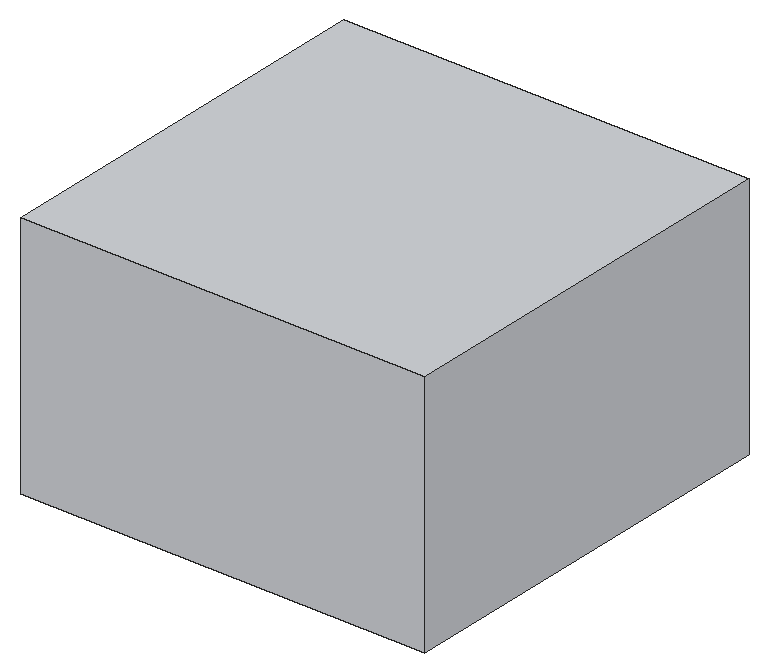
Revit family "e60337a43a634dcebe0458d4e0220e84", category Electrical Equipment, host Face, Revit 2021
Family settings
  Host = Face
  Round Connector Dimension = Use Diameter
  Part Type = Other Panel
  OmniClass Number = 23.85.30.21.11.14
  OmniClass Title = Alarm Panels
  Seek Item ID = Purge Panel-0000-USA-ENU
  Cut with Voids When Loaded = No
  Shared = No
  Room Calculation Point = No
Parameters (values of type "Standard")
  Width = 0' - 9 1/2"
  Panel Material = none
  Length = 0' - 9 1/2"
  Height = 0' - 5 205/256"
  Default Elevation = 4' - 0"
Reference planes (in)
  plane 1 "Center (Front/Back)": y = 0
  plane 2: z = 0
  plane 3 "Center (Left/Right)": x = 0
  plane 4: x = -4.75
  plane 5: x = 4.75
  plane 6: y = -9.5
  plane 7: z = 5.80078
Forms (in)
  Extrusion 1, solid, material <- "Panel Material"
    sketch origin (0, 0, 0) x (1, 0, 0) y (0, 1, 0)
      loop
        line (-4.75, 0) -> (-4.75, -9.5) -> (4.75, -9.5) -> (4.75, 0) -> (-4.75, 0)
    from 0 to 5.80078
Dimensions and locks (in)
  "Width": plane 1 "Center (Front/Back)" to plane 6
  equal spacing: plane 4, plane 3 "Center (Left/Right)", plane 5
  "Length": plane 4 to plane 5
  "Height": plane 7 to plane 2
  aligned and locked: plane 2 to host face
  aligned and locked: level to host face
  aligned and locked: plane 4 to Extrusion 1 sketch curve
  aligned and locked: plane 1 "Center (Front/Back)" to Extrusion 1 sketch curve
  aligned and locked: plane 6 to Extrusion 1 sketch curve
  aligned and locked: Extrusion 1 sketch curve to plane 5
  aligned and locked: Extrusion 1 to plane 2
  aligned and locked: plane 7 to Extrusion 1
  aligned and locked: plane 5 to Extrusion 1
  aligned and locked: plane 2 to nested 1
  aligned and locked: plane 7 to nested 1
  aligned and locked: plane 4 to nested 1
  aligned and locked: plane 5 to nested 1
Automatic sketch dimensions
  host sketch curve to host sketch curve = 8' - 0"  (x2)
Nested families (in)
  nested 1: "Purge Panel Annotation" at (21.5, 0, -4.59961) x (1, 0, 0) z (0, -1, 0), type "Purge Panel Annotation", detail levels coarse+medium
    with Width 0' - 5 205/256", Length 0' - 9 1/2"
Connectors (in)
  electrical at (0, 0, 2.90039)
    settings: on Extrusion 1, index 1, voltage 0 V, apparent load 0 VA, apparent load phase1 0 VA, apparent load phase2 0 VA, apparent load phase3 0 VA, power factor 1, load classification "Other", number of poles 1, system type 11, power factor state 1, is connector primary yes, connector utility no, sub classification motor no, connector description ""
  cabletrayconduit at (0, 0, 2.90039), diameter 24
    settings: on Extrusion 1, index 2, connector width 1' - 0", connector height 1' - 0", connector angle 0.00°, system type 32, placement type 1, profile type 0, connector reference index -1, is primary connector yes, connector utility param no, connector description ""
  cabletrayconduit at (-4.75, -4.75, 2.90039), diameter 24
    settings: on Extrusion 1, index 3, connector width 1' - 0", connector height 1' - 0", connector angle 0.00°, system type 32, placement type 1, profile type 0, connector reference index -1, is primary connector no, connector utility param no, connector description ""
  cabletrayconduit at (4.75, -4.75, 2.90039), diameter 24
    settings: on Extrusion 1, index 4, connector width 1' - 0", connector height 1' - 0", connector angle 0.00°, system type 32, placement type 1, profile type 0, connector reference index -1, is primary connector no, connector utility param no, connector description ""
  cabletrayconduit at (0, -4.75, 0), diameter 24
    settings: on Extrusion 1, index 5, connector width 1' - 0", connector height 1' - 0", connector angle 0.00°, system type 32, placement type 1, profile type 0, connector reference index -1, is primary connector no, connector utility param no, connector description ""
  cabletrayconduit at (0, -9.5, 2.90039), diameter 24
    settings: on Extrusion 1, index 6, connector width 1' - 0", connector height 1' - 0", connector angle 0.00°, system type 32, placement type 1, profile type 0, connector reference index -1, is primary connector no, connector utility param no, connector description ""
Definition of nested family "Purge Panel Annotation"
  Parameters
    Width [instance] = 0' - 5 205/256"
    Length [instance] = 0' - 9 1/2"
    Assembly Code = ""
  Reference planes (in)
    plane 1 "Center (Front/Back)": y = 7.5
    plane 2: z = 0
    plane 3 "Center (Left/Right)": x = -21.5
    plane 4: x = -26.25
    plane 5: x = -16.75
    plane 6: y = 10.40039
    plane 7: y = 4.59961
  Lines and regions (in)
    Filled region 1, type "Solid Fill - Black", in view "Ref. Level"
      outline origin (-10.65591, 8.54801, 0) x (1, 0, 0) y (0, 1, 0)
        loop
          line (-10.84409, -0.87246) -> (-11.00751, -0.87246)
          arc (-11.00751, -0.87246) -> (-11.12109, -0.98095) -> (-11.00751, -1.08945) r 0.10861
          line (-11.00751, -1.08945) -> (-10.88595, -1.08945) -> (-10.88595, -1.2426) -> (-10.84409, -1.2426) -> (-10.84409, -0.87246)
        loop
          line (-10.88595, -0.91689) -> (-11.00751, -0.91689)
          arc (-11.00751, -0.91689) -> (-11.06846, -0.98284) -> (-11.00627, -1.04763) r 0.06549
          line (-11.00627, -1.04763) -> (-10.88595, -1.04763) -> (-10.88595, -0.91689)
        loop
          line (-10.49759, -0.87246) -> (-10.6662, -0.87246)
          arc (-10.6662, -0.87246) -> (-10.77978, -0.98095) -> (-10.6662, -1.08945) r 0.10861
          line (-10.6662, -1.08945) -> (-10.54464, -1.08945) -> (-10.54464, -1.2426) -> (-10.49759, -1.2426) -> (-10.49759, -0.87246)
        loop
          line (-10.54464, -0.91689) -> (-10.6662, -0.91689)
          arc (-10.6662, -0.91689) -> (-10.72734, -0.98303) -> (-10.66497, -1.04801) r 0.06568
          line (-10.66497, -1.04801) -> (-10.54464, -1.04801) -> (-10.54464, -0.91689)
    detail lines, in view "Ref. Level"
      curve 1: line (-26.25, 10.40039, 0) -> (-16.75, 10.40039, 0)
      curve 2: line (-26.25, 4.59961, 0) -> (-26.25, 10.40039, 0)
      curve 3: line (-16.75, 4.59961, 0) -> (-26.25, 4.59961, 0)
      curve 4: line (-16.75, 10.40039, 0) -> (-16.75, 4.59961, 0)
      curve 5: line (-21.1535, 7.67556, 0) -> (-21.1535, 7.30541, 0)
      curve 6: line (-21.1535, 7.30541, 0) -> (-21.20055, 7.30541, 0)
      curve 7: line (-21.20055, 7.30541, 0) -> (-21.20055, 7.45856, 0)
      curve 8: line (-21.20055, 7.45856, 0) -> (-21.32211, 7.45856, 0)
      curve 9: line (-21.20055, 7.5, 0) -> (-21.32088, 7.5, 0)
      curve 10: line (-21.20055, 7.5, 0) -> (-21.20055, 7.63112, 0)
      curve 11: line (-21.20055, 7.63112, 0) -> (-21.32212, 7.63112, 0)
      curve 12: arc (-21.32088, 7.5, 0) -> (-21.38325, 7.56498, 0) -> (-21.32212, 7.63112, 0) r 0.06568
      curve 13: line (-21.1535, 7.67556, 0) -> (-21.32211, 7.67556, 0)
      curve 14: arc (-21.32211, 7.45856, 0) -> (-21.4357, 7.56706, 0) -> (-21.32211, 7.67556, 0) r 0.10861
      curve 15: line (-21.5, 7.67556, 0) -> (-21.5, 7.30541, 0)
      curve 16: line (-21.5, 7.30541, 0) -> (-21.54186, 7.30541, 0)
      curve 17: line (-21.54186, 7.30541, 0) -> (-21.54186, 7.45856, 0)
      curve 18: line (-21.54186, 7.45856, 0) -> (-21.66342, 7.45856, 0)
      curve 19: line (-21.54186, 7.50038, 0) -> (-21.66219, 7.50038, 0)
      curve 20: line (-21.54186, 7.50038, 0) -> (-21.54186, 7.63112, 0)
      curve 21: line (-21.54186, 7.63112, 0) -> (-21.66342, 7.63112, 0)
      curve 22: arc (-21.66219, 7.50038, 0) -> (-21.72437, 7.56517, 0) -> (-21.66342, 7.63112, 0) r 0.06549
      curve 23: line (-21.5, 7.67556, 0) -> (-21.66342, 7.67556, 0)
      curve 24: arc (-21.66342, 7.45856, 0) -> (-21.777, 7.56706, 0) -> (-21.66342, 7.67556, 0) r 0.10861
  Dimensions and locks (in)
    equal spacing: plane 4, plane 3 "Center (Left/Right)", plane 5
    "Length": plane 4 to plane 5
    equal spacing: plane 6, plane 1 "Center (Front/Back)", plane 7
    "Width": plane 6 to plane 7
    aligned and locked: plane 4 to curve 1
    aligned and locked: curve 1 to plane 6
    aligned and locked: plane 7 to curve 4
    aligned and locked: curve 4 to plane 5
    aligned and locked: Filled region 1 sketch curve to curve 23
    aligned and locked: Filled region 1 sketch curve to curve 24
    aligned and locked: Filled region 1 sketch curve to curve 21
    aligned and locked: Filled region 1 sketch curve to curve 22
    aligned and locked: Filled region 1 sketch curve to curve 19
    aligned and locked: Filled region 1 sketch curve to curve 20
    aligned and locked: Filled region 1 sketch curve to curve 18
    aligned and locked: Filled region 1 sketch curve to curve 15
    aligned and locked: Filled region 1 sketch curve to curve 17
    aligned and locked: Filled region 1 sketch curve to curve 16
    aligned and locked: Filled region 1 sketch curve to curve 13
    aligned and locked: Filled region 1 sketch curve to curve 14
    aligned and locked: Filled region 1 sketch curve to curve 11
    aligned and locked: Filled region 1 sketch curve to curve 12
    aligned and locked: Filled region 1 sketch curve to curve 9
    aligned and locked: Filled region 1 sketch curve to curve 10
    aligned and locked: Filled region 1 sketch curve to curve 8
    aligned and locked: Filled region 1 sketch curve to curve 5
    aligned and locked: Filled region 1 sketch curve to curve 7
    aligned and locked: Filled region 1 sketch curve to curve 6
    aligned and locked: curve 9 to plane 1 "Center (Front/Back)"
    aligned and locked: curve 15 to plane 3 "Center (Left/Right)"
  Automatic sketch dimensions
    curve 24 to curve 24 = 0' - 0.00497"
    curve 24 to curve 23 = 0' - 0.00497"
    curve 22 to curve 23 = 0' - 0"
    curve 24 to curve 22 = 0' - 0.00123"
    curve 24 to curve 22 = 0' - 0.00951"
    curve 24 to curve 17 = 0' - 0.12156"
    curve 21 to curve 21 = 0' - 0.12156"
    curve 20 to curve 23 = 0' - 0.04186"
    curve 15 to curve 14 = 0' - 0.17292"
    curve 14 to curve 14 = 0' - 0.00497"
    curve 14 to curve 13 = 0' - 0.00497"
    curve 12 to curve 13 = 0' - 0"
    curve 14 to curve 9 = 0' - 0.00123"
    curve 14 to curve 12 = 0' - 0.00951"
    curve 14 to curve 7 = 0' - 0.12156"
    curve 11 to curve 10 = 0' - 0.12156"
    curve 6 to curve 5 = 0' - 0.04705"
    curve 15 to curve 5 = 0' - 0"
    curve 21 to curve 15 = 0' - 0.04443"
    curve 12 to curve 13 = 0' - 0.04443"
    curve 14 to curve 12 = 0' - 0.06407"
    curve 24 to curve 22 = 0' - 0.06407"
    curve 22 to curve 24 = 0' - 0.00127"
    curve 12 to curve 14 = 0' - 0.00146"
    curve 6 to curve 7 = 0' - 0.15315"
    curve 17 to curve 17 = 0' - 0.15315"
